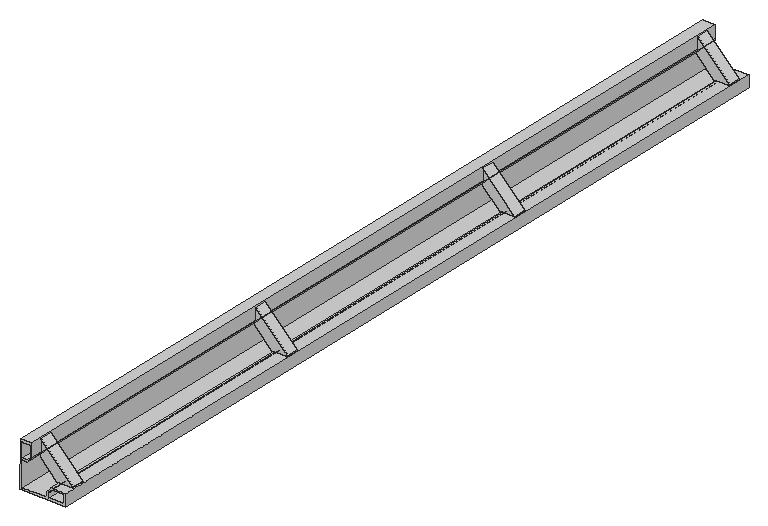
Revit family "ML_ML OUTSIDE CORNER 6'_1920080", category Generic Models, Revit 2018
Family settings
  Can host rebar = No
  Round Connector Dimension = Use Diameter
  Part Type = Normal
  OmniClass Number = 35.51.14.00
  OmniClass Title = FORMWORK
  Work Plane-Based = Yes
  Always vertical = No
  Cut with Voids When Loaded = No
  Shared = Yes
  Room Calculation Point = No
Parameters
  VERSION = "20190101"  # constant formula
  URL = "www.ulmaconstruction.com/en"
  UNICLASS = ""
  ITEM_CODE = "1920080"
  Manufacturer = "ULMA CONSTRUCTION"  # constant formula
  FILTER [instance] = ""
  Default Elevation = 0"
  CLASSIFICATION_TITLE = ""
  CLASSIFICATION_NUMBER = ""
Reference planes (in)
  plane 1 "Centro (Frontal/Posterior)": y = 0
  plane 2: z = 0
  plane 3 "Centro (Izquierda/Derecha)": x = 0
  plane 4 "ITEM_HEIGHT": y = 72
Forms (in)
  Extrusion 1, solid, material "ULMA ZINC", detail levels fine
    sketch origin (0, 0, 0) x (1, 0, 0) y (0, 0, 1)
      loop
        line (0, 3.79921) -> (0, 0) -> (3.79921, 0) -> (3.79921, 0.98425) -> (3.64173, 0.98425) -> (3.64173, 0.15748) -> (0.15748, 0.15748) -> (0.15748, 3.64173) -> (0.98425, 3.64173) -> (0.98425, 3.79921) -> (0, 3.79921)
    from -72 to 0
  Extrusion 2, solid, material "ULMA ZINC", detail levels fine
    sketch origin (0, 0, 0) x (1, 0, 0) y (0, 0, 1)
      loop
        line (0.15748, 2.3622) -> (0.15748, 2.26378) -> (0.54838, 2.26378)
        arc (0.54838, 2.26378) -> (0.62371, 2.27876) -> (0.68758, 2.32144) r 0.19685
        line (0.68758, 2.32144) -> (0.9266, 2.56045)
        arc (0.9266, 2.56045) -> (0.96927, 2.62432) -> (0.98425, 2.69965) r 0.19685
        line (0.98425, 2.69965) -> (0.98425, 3.64173) -> (0.88583, 3.64173) -> (0.88583, 2.69965)
        arc (0.88583, 2.69965) -> (0.87833, 2.66198) -> (0.857, 2.63005) r 0.09843
        line (0.857, 2.63005) -> (0.61798, 2.39103)
        arc (0.61798, 2.39103) -> (0.58605, 2.3697) -> (0.54838, 2.3622) r 0.09843
        line (0.54838, 2.3622) -> (0.15748, 2.3622)
      loop
        line (2.69965, 0.88583) -> (3.64173, 0.88583) -> (3.64173, 0.98425) -> (2.69965, 0.98425)
        arc (2.69965, 0.98425) -> (2.62432, 0.96927) -> (2.56045, 0.9266) r 0.19685
        line (2.56045, 0.9266) -> (2.32144, 0.68758)
        arc (2.32144, 0.68758) -> (2.27876, 0.62371) -> (2.26378, 0.54838) r 0.19685
        line (2.26378, 0.54838) -> (2.26378, 0.15748) -> (2.3622, 0.15748) -> (2.3622, 0.54838)
        arc (2.3622, 0.54838) -> (2.3697, 0.58605) -> (2.39103, 0.61798) r 0.09843
        line (2.39103, 0.61798) -> (2.63005, 0.857)
        arc (2.63005, 0.857) -> (2.66198, 0.87833) -> (2.69965, 0.88583) r 0.09843
    from -72 to 0
  Extrusion 3, solid, material "ULMA ZINC", detail levels fine
    sketch origin (1.03993, 1.37795, 47.24409) x (-1, 0, 0) y (0, 0, 1)
      loop
        line (0, -43.5038) -> (-2.70037, -46.20416) -> (-2.64469, -46.25984) -> (-1.3641, -46.25984) -> (0.05568, -44.84006) -> (0.05568, -43.55947) -> (0, -43.5038)
    from -0.49213 to 0.49213
  Extrusion 4, solid, material "ULMA ZINC", detail levels fine
    sketch origin (1.03993, 24, 47.24409) x (-1, 0, 0) y (0, 0, 1)
      loop
        line (0, -43.5038) -> (-2.70037, -46.20416) -> (-2.64469, -46.25984) -> (-1.3641, -46.25984) -> (0.05568, -44.84006) -> (0.05568, -43.55947) -> (0, -43.5038)
    from -0.49213 to 0.49213
  Extrusion 5, solid, material "ULMA ZINC", detail levels fine
    sketch origin (1.03993, 70.62205, 47.24409) x (-1, 0, 0) y (0, 0, 1)
      loop
        line (0, -43.5038) -> (-2.70037, -46.20416) -> (-2.64469, -46.25984) -> (-1.3641, -46.25984) -> (0.05568, -44.84006) -> (0.05568, -43.55947) -> (0, -43.5038)
    from -0.49213 to 0.49213
  Extrusion 6, solid, material "ULMA ZINC", detail levels fine
    sketch origin (1.03993, 48, 47.24409) x (-1, 0, 0) y (0, 0, 1)
      loop
        line (0, -43.5038) -> (-2.70037, -46.20416) -> (-2.64469, -46.25984) -> (-1.3641, -46.25984) -> (0.05568, -44.84006) -> (0.05568, -43.55947) -> (0, -43.5038)
    from -0.49213 to 0.49213
  Extrusion 7, solid, material "ULMA ZINC", detail levels coarse+medium
    sketch origin (0, 0, 0) x (1, 0, 0) y (0, 0, 1)
      loop
        line (0, 3.79921) -> (0, 0) -> (3.79921, 0) -> (3.79921, 0.98425) -> (0.98425, 0.98425) -> (0.98425, 3.79921) -> (0, 3.79921)
    from 0 to -72
Cuts and joins
  joined: Extrusion 1, Extrusion 2
Lines and regions (in)
  model lines, style "ULMA PANELS", detail levels fine
    curve 1: circle (1.5, 6, 0) r 0.3937 normal (0, 0, 1)
    curve 2: circle (1.5, 18, 0) r 0.3937 normal (0, 0, 1)
    curve 3: circle (1.5, 30, 0) r 0.3937 normal (0, 0, 1)
    curve 4: circle (1.5, 42, 0) r 0.3937 normal (0, 0, 1)
    curve 5: circle (1.5, 54, 0) r 0.3937 normal (0, 0, 1)
    curve 6: circle (1.5, 66, 0) r 0.3937 normal (0, 0, 1)
    curve 7: circle (1.5, 6, 0.15748) r 0.3937 normal (0, 0, 1)
    curve 8: circle (1.5, 18, 0.15748) r 0.3937 normal (0, 0, 1)
    curve 9: circle (1.5, 30, 0.15748) r 0.3937 normal (0, 0, 1)
    curve 10: circle (1.5, 42, 0.15748) r 0.3937 normal (0, 0, 1)
    curve 11: circle (1.5, 54, 0.15748) r 0.3937 normal (0, 0, 1)
    curve 12: circle (1.5, 66, 0.15748) r 0.3937 normal (0, 0, 1)
    curve 13: circle (0, 66, 1.5) r 0.3937 normal (1, 0, 0)
    curve 14: circle (0, 54, 1.5) r 0.3937 normal (1, 0, 0)
    curve 15: circle (0, 42, 1.5) r 0.3937 normal (1, 0, 0)
    curve 16: circle (0, 30, 1.5) r 0.3937 normal (1, 0, 0)
    curve 17: circle (0, 18, 1.5) r 0.3937 normal (1, 0, 0)
    curve 18: circle (0, 6, 1.5) r 0.3937 normal (1, 0, 0)
    curve 19: circle (0.15748, 66, 1.5) r 0.3937 normal (1, 0, 0)
    curve 20: circle (0.15748, 54, 1.5) r 0.3937 normal (1, 0, 0)
    curve 21: circle (0.15748, 42, 1.5) r 0.3937 normal (1, 0, 0)
    curve 22: circle (0.15748, 30, 1.5) r 0.3937 normal (1, 0, 0)
    curve 23: circle (0.15748, 18, 1.5) r 0.3937 normal (1, 0, 0)
    curve 24: circle (0.15748, 6, 1.5) r 0.3937 normal (1, 0, 0)
Dimensions and locks (in)
  aligned and locked: level to plane 2
